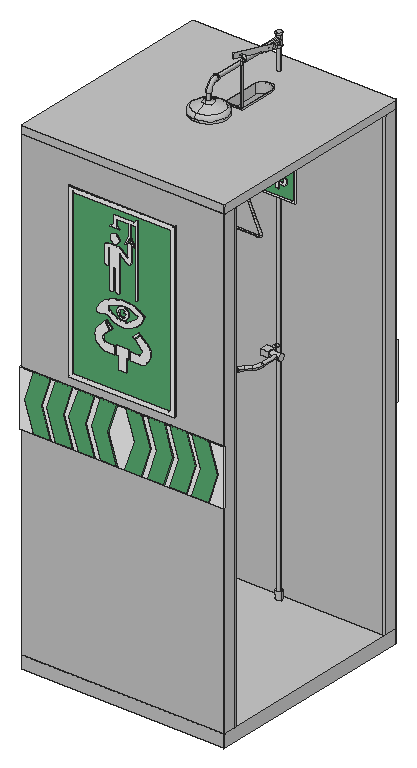
Revit family "Plumbing-Fixturse_Haws-Corporation_8606SS(Final)", category Plumbing Fixtures, Revit 2020 (continued)
Lines and regions (in)
  symbolic lines
    curve 144: line (0, 2.75571, 44.33459) -> (0, 5.43327, 44.33459)
    curve 145: line (0, 5.20217, 44.1035) -> (0, 2.9868, 44.1035)
    curve 146: line (0, 5.36798, 44.79304) -> (0, 2.821, 44.79304)
    curve 147: line (0, 2.76326, 44.73529) -> (0, 5.42572, 44.73529)
    curve 148: line (0, 4.23573, 44.84252) -> (0, 3.95325, 44.84252)
    curve 149: line (0, 14.8925, 43.60516) -> (0, 15.48249, 43.60516)
    curve 150: line (0, 15.48249, 43.60516) -> (0, 15.48249, 43.02703)
    curve 151: line (0, 15.48249, 43.02703) -> (0, 14.8925, 43.02703)
    curve 152: line (0, 13.82331, 43.55062) -> (0, 14.8925, 43.55062)
    curve 153: line (0, 14.8925, 43.08177) -> (0, 13.82331, 43.08177)
    curve 154: line (0, 12.56373, 43.61086) -> (0, 4.48819, 43.61086)
    curve 155: line (0, 12.56373, 43.02175) -> (0, 4.48819, 43.02175)
    curve 156: line (0, 4.48819, 42.92155) -> (0, 4.48819, 44.1035)
    curve 157: line (0, 3.70079, 44.1035) -> (0, 3.70079, 42.92155)
    curve 158: line (0, 4.23573, 44.84252) -> (0, 4.23573, 44.79304)
    curve 159: line (0, 3.95325, 44.84252) -> (0, 3.95325, 44.79304)
    curve 160: arc (0, 5.42572, 44.73529) -> (0, 5.40881, 44.77612) -> (0, 5.36798, 44.79304) r 0.05774
    curve 161: line (0, 5.42572, 44.73529) -> (0, 5.43079, 44.59003)
    curve 162: arc (0, 5.43079, 44.59003) -> (0, 5.43789, 44.566) -> (0, 5.45572, 44.54841) r 0.05015
    curve 163: arc (0, 5.49019, 44.51395) -> (0, 5.48009, 44.53832) -> (0, 5.45572, 44.54841) r 0.03446
    curve 164: arc (0, 5.48589, 44.38721) -> (0, 5.47048, 44.35) -> (0, 5.43327, 44.33459) r 0.05262
    curve 165: arc (0, 5.43327, 44.33459) -> (0, 5.39611, 44.3192) -> (0, 5.38072, 44.28204) r 0.05255
    curve 166: arc (0, 5.38072, 44.28204) -> (0, 5.32843, 44.15579) -> (0, 5.20217, 44.1035) r 0.17855
    curve 167: line (0, 5.49019, 44.51395) -> (0, 5.48589, 44.38721)
Dimensions and locks (in)
  equal spacing: Extrusion 16 sketch curve, Extrusion 16 sketch curve, Extrusion 16 sketch curve, Extrusion 16 sketch curve
  Extrusion 16 sketch curve to Extrusion 16 sketch curve = 7.49454"
  equal spacing: Extrusion 35 sketch curve, curve 43, Extrusion 35 sketch curve
  "Supply Radius": curve 43 to Extrusion 35 sketch curve
  "Connector offset": curve 43 to level
  "Connector angle": angle plane 3 "Center (Left/Right)" to curve 43
  aligned and locked: plane 3 "Center (Left/Right)" to curve 43
Automatic sketch dimensions
  curve 13 to curve 14 = 0"  (x2)
  curve 13 to curve 41 = 0"  (x2)
  curve 13 to curve 42 = 0"  (x2)
  curve 14 to curve 41 = 0"  (x2)
  curve 14 to curve 42 = 0"  (x2)
  curve 15 to curve 16 = 0"  (x2)
  curve 41 to curve 42 = 0"  (x2)
  curve 1 to plane 3 "Center (Left/Right)" = 18.32677"
  curve 10 to curve 10 = 0.13631"
  curve 9 to curve 9 = 0.29476"
  curve 30 to plane 3 "Center (Left/Right)" = 0.5895"
  curve 28 to plane 3 "Center (Left/Right)" = 0.49194"
  curve 31 to curve 32 = 0.09794"
  curve 30 to curve 30 = 0.19685"
  curve 26 to curve 24 = 0.19685"
  plane 3 "Center (Left/Right)" to curve 41 = 0.00106"
  plane 3 "Center (Left/Right)" to curve 15 = 0.00106"
  plane 3 "Center (Left/Right)" to curve 25 = 0.2972"
  plane 3 "Center (Left/Right)" to curve 38 = 0.39476"
  curve 25 to curve 19 = 0.19421"
  curve 37 to curve 35 = 0.09891"
  curve 37 to curve 37 = 0.19685"
  plane 3 "Center (Left/Right)" to curve 23 = 0.64091"
  curve 18 to curve 22 = 0.26543"
  curve 17 to curve 7 = 17.12506"
  plane 3 "Center (Left/Right)" to curve 5 = 18.18912"
  curve 7 to curve 4 = 0.29536"
  plane 1 "Center (Front/Back)" to curve 3 = 19.37008"
  plane 1 "Center (Front/Back)" to curve 14 = 0.01414"
  curve 33 to plane 1 "Center (Front/Back)" = 1.56067"
  curve 32 to curve 34 = 0"
  curve 35 to curve 37 = 0.19685"
  curve 32 to curve 30 = 0.19685"
  curve 36 to curve 18 = 5.00459"
  curve 18 to curve 19 = 5 157/256"
  curve 19 to curve 28 = 0.18835"
  curve 19 to curve 38 = 0.18835"
  curve 38 to curve 25 = 1.25957"
  curve 26 to curve 25 = 0"
  curve 40 to curve 19 = 0.23327"
  curve 19 to curve 15 = 1.70419"
  curve 15 to curve 18 = 0.79581"
  curve 17 to curve 7 = 2.51814"
  curve 11 to curve 9 = 0"  (x2)
  curve 12 to curve 10 = 0"
  curve 8 to curve 9 = 0"
  curve 13 to curve 33 = 2.657"
  curve 16 to curve 24 = 0.20385"
  curve 8 to curve 7 = 0"  (x2)
  curve 12 to curve 5 = 0"  (x2)
  curve 6 to curve 5 = 0"  (x2)
  curve 11 to curve 10 = 0"
  curve 41 to curve 13 = 0.59058"
  curve 6 to curve 7 = 0"
  plane 1 "Center (Front/Back)" to curve 128 = 16.69291"
  curve 141 to plane 1 "Center (Front/Back)" = 2.69879"
  curve 141 to curve 143 = 0.0043"
  curve 171 to curve 170 = 0.00928"
  curve 171 to curve 171 = 0.03446"
  curve 172 to curve 173 = 0.05262"
  curve 171 to curve 169 = 0.02493"
  curve 170 to curve 147 = 0.00507"
  curve 168 to curve 168 = 0.05774"
  curve 173 to curve 145 = 0.2311"
  curve 185 to plane 1 "Center (Front/Back)" = 3.56102"
  curve 174 to curve 140 = 0.71398"
  curve 157 to curve 148 = 0.25246"
  curve 148 to curve 148 = 0.28248"
  curve 140 to curve 140 = 0.7874"
  curve 156 to curve 166 = 0.71398"
  curve 166 to curve 160 = 0.1658"
  curve 147 to curve 161 = 0.00507"
  curve 166 to curve 144 = 0.2311"
  curve 162 to curve 142 = 0.02493"
  curve 163 to curve 162 = 0.02519"
  curve 184 to curve 180 = 8 1/4"
  curve 143 to curve 139 = 7.07784"
  curve 136 to curve 136 = 1.25957"
  curve 153 to curve 151 = 1.06919"
  level to curve 133 = 3.6465"
  curve 133 to plane 1 "Center (Front/Back)" = 15.26397"
  curve 176 to plane 1 "Center (Front/Back)" = 15.35539"
  curve 137 to curve 151 = 0.58999"
  curve 133 to curve 131 = 1"
  curve 132 to curve 126 = 0.42895"
  level to curve 127 = 2.3622"
  curve 133 to curve 131 = 0"
  curve 133 to curve 136 = 39.17649"
  curve 136 to curve 156 = 0.09857"
  curve 136 to curve 150 = 0.20405"
  curve 137 to curve 149 = 37/64"
  curve 136 to curve 135 = 0.98425"
  curve 140 to curve 145 = 1.18194"
  curve 145 to curve 174 = 0.17855"
  curve 145 to curve 166 = 0.17855"
  curve 165 to curve 144 = 0.05255"
  curve 164 to curve 141 = 0.12674"
  curve 163 to curve 161 = 0.04162"
  curve 171 to curve 169 = 0.04162"
  curve 170 to curve 169 = 0.14527"
  curve 159 to curve 159 = 0.04948"
  curve 135 to curve 176 = 23.49005"
  curve 176 to curve 176 = 10 3/4"
  curve 176 to curve 184 = 7.95272"
  curve 184 to curve 128 = 0.24705"
  curve 179 to curve 180 = 0"
  curve 176 to curve 177 = 0.1271"
  curve 133 to curve 133 = 0.21853"
  curve 176 to curve 178 = 0.1271"
  curve 131 to curve 131 = 0.21105"
  curve 140 to curve 155 = 0.1002"
  curve 136 to curve 153 = 0.25878"
  curve 152 to curve 137 = 0.05454"
  curve 154 to curve 135 = 0.19637"
  curve 180 to curve 179 = 1.377"
  curve 179 to curve 179 = 0.14295"
  Extrusion 1 sketch curve to plane 3 "Center (Left/Right)" = 18.32677"  (x2)
  Extrusion 1 sketch curve to Extrusion 1 sketch curve = 0.13631"
  Extrusion 1 sketch curve to Extrusion 1 sketch curve = 0.29476"  (x2)
  Extrusion 1 sketch curve to Extrusion 1 sketch curve = 0.29572"
  plane 3 "Center (Left/Right)" to Extrusion 1 sketch curve = 18.03141"  (x2)
  Extrusion 1 sketch curve to Extrusion 1 sketch curve = 0.00112"
  Extrusion 1 sketch curve to Extrusion 1 sketch curve = 0.15771"
  Extrusion 1 sketch curve to Extrusion 1 sketch curve = 0.13765"
  Extrusion 1 sketch curve to Extrusion 1 sketch curve = 0.29536"
  plane 1 "Center (Front/Back)" to Extrusion 1 sketch curve = 19.37008"
  Extrusion 1 sketch curve to Extrusion 1 sketch curve = 2.24415"
  Extrusion 1 sketch curve to plane 1 "Center (Front/Back)" = 16.69291"
  Extrusion 1 sketch curve to Extrusion 1 sketch curve = 2.08756"
  Extrusion 2 sketch curve to plane 3 "Center (Left/Right)" = 18.32677"
  Extrusion 2 sketch curve to Extrusion 2 sketch curve = 0.13631"
  Extrusion 2 sketch curve to Extrusion 2 sketch curve = 0.29476"
  plane 3 "Center (Left/Right)" to Extrusion 2 sketch curve = 18.03141"
  plane 3 "Center (Left/Right)" to Extrusion 2 sketch curve = 18.18912"
  Extrusion 2 sketch curve to Extrusion 2 sketch curve = 0.29536"
  plane 1 "Center (Front/Back)" to Extrusion 2 sketch curve = 19.37008"
  Extrusion 2 sketch curve to plane 1 "Center (Front/Back)" = 19.07471"
  Extrusion 3 sketch curve to plane 3 "Center (Left/Right)" = 18.32677"
  Extrusion 3 sketch curve to Extrusion 3 sketch curve = 0.13631"
  Extrusion 3 sketch curve to Extrusion 3 sketch curve = 0.29476"
  plane 3 "Center (Left/Right)" to Extrusion 3 sketch curve = 18.03141"
  plane 3 "Center (Left/Right)" to Extrusion 3 sketch curve = 18.18912"
  Extrusion 3 sketch curve to Extrusion 3 sketch curve = 0.29536"
  plane 1 "Center (Front/Back)" to Extrusion 3 sketch curve = 19.37008"
  Extrusion 3 sketch curve to plane 1 "Center (Front/Back)" = 19.07471"
  Revolve 4 sketch curve to plane 1 "Center (Front/Back)" = 0"  (x2)
  Revolve 4 sketch curve to Revolve 4 sketch curve = 0.59058"
  Revolve 4 sketch curve to Revolve 4 sketch curve = 0.32278"
  Revolve 4 sketch curve to Revolve 4 sketch curve = 0.19336"
  Revolve 4 sketch curve to Revolve 4 sketch curve = 1.44885"
  Revolve 4 sketch curve to Revolve 4 sketch curve = 0.29497"
  Revolve 4 sketch curve to Revolve 4 sketch curve = 0.7874"
  level to Revolve 4 sketch curve = 86.24705"
  Revolve 4 sketch curve to Revolve 4 sketch curve = 1.68409"
  Revolve 4 sketch curve to Revolve 4 sketch curve = 0.70455"
  Revolve 4 sketch curve to Revolve 4 sketch curve = 0.47341"
  Revolve 4 sketch curve to Revolve 4 sketch curve = 0"  (x2)
  plane 1 "Center (Front/Back)" to Extrusion 5 sketch curve = 0"
  Extrusion 5 sketch curve to plane 3 "Center (Left/Right)" = 0"
  plane 1 "Center (Front/Back)" to Extrusion 6 sketch curve = 0"
  Extrusion 6 sketch curve to plane 3 "Center (Left/Right)" = 0"
  Sweep 7 sketch curve to plane 1 "Center (Front/Back)" = 0"
  Sweep 7 sketch curve to plane 1 "Center (Front/Back)" = 1.5748"
  level to Sweep 7 sketch curve = 91.02026"
  profile plane to Sweep 7 sketch curve = 0"
  Sweep 7 sketch curve to profile plane = 0"
  Extrusion 8 sketch curve to plane 3 "Center (Left/Right)" = 0"
  Extrusion 8 sketch curve to plane 1 "Center (Front/Back)" = 15.76397"
  Extrusion 9 sketch curve to Extrusion 9 sketch curve = 0"  (x2)
  Extrusion 9 sketch curve to plane 3 "Center (Left/Right)" = 0"
  level to Extrusion 9 sketch curve = 92.59506"
  Extrusion 9 sketch curve to Extrusion 9 sketch curve = 37/128"
  Extrusion 10 sketch curve to Extrusion 10 sketch curve = 0"  (x2)
  Extrusion 10 sketch curve to plane 3 "Center (Left/Right)" = 0"
  Extrusion 10 sketch curve to plane 1 "Center (Front/Back)" = 15.76397"
  Extrusion 10 sketch curve to Extrusion 10 sketch curve = 101/256"
  Extrusion 11 sketch curve to Extrusion 11 sketch curve = 0"  (x2)
  Extrusion 11 sketch curve to plane 3 "Center (Left/Right)" = 0"
  level to Extrusion 11 sketch curve = 92.59506"
  Extrusion 11 sketch curve to Extrusion 11 sketch curve = 101/256"
  Extrusion 12 sketch curve to Extrusion 12 sketch curve = 0"  (x2)
  Extrusion 12 sketch curve to plane 3 "Center (Left/Right)" = 0"
  Extrusion 12 sketch curve to plane 1 "Center (Front/Back)" = 15.76397"
  Extrusion 12 sketch curve to Extrusion 12 sketch curve = 1/2"
  Extrusion 13 sketch curve to Extrusion 13 sketch curve = 0"  (x2)
  Extrusion 13 sketch curve to plane 3 "Center (Left/Right)" = 0"
  Extrusion 13 sketch curve to plane 1 "Center (Front/Back)" = 15.76397"
  Extrusion 13 sketch curve to Extrusion 13 sketch curve = 1/2"
  Extrusion 14 sketch curve to Extrusion 14 sketch curve = 0"  (x2)
  Extrusion 14 sketch curve to plane 3 "Center (Left/Right)" = 0"
  level to Extrusion 14 sketch curve = 92.59506"
  Extrusion 14 sketch curve to Extrusion 14 sketch curve = 1/2"
  plane 3 "Center (Left/Right)" to Extrusion 15 sketch curve = 0.39661"
  Extrusion 15 sketch curve to Extrusion 15 sketch curve = 0.1495"
  level to Extrusion 15 sketch curve = 92.20136"
  Extrusion 15 sketch curve to Extrusion 15 sketch curve = 0.7874"
  Extrusion 16 sketch curve to plane 1 "Center (Front/Back)" = 14.35113"
  level to Extrusion 16 sketch curve = 92.81414"
  Extrusion 16 sketch curve to Extrusion 16 sketch curve = 0.55678"  (x2)
  Extrusion 16 sketch curve to Extrusion 16 sketch curve = 0.06485"
  Extrusion 16 sketch curve to Extrusion 16 sketch curve = 0.11836"
  Extrusion 16 sketch curve to Extrusion 16 sketch curve = 2.99469"  (x2)
  Extrusion 16 sketch curve to Extrusion 16 sketch curve = 1.28499"
  Extrusion 16 sketch curve to Extrusion 16 sketch curve = 0.62277"
  Extrusion 16 sketch curve to Extrusion 16 sketch curve = 0.07671"
  Extrusion 16 sketch curve to Extrusion 16 sketch curve = 0.10186"
  Extrusion 16 sketch curve to Extrusion 16 sketch curve = 2.47487"
  Extrusion 16 sketch curve to Extrusion 16 sketch curve = 0.69194"
  Extrusion 16 sketch curve to Extrusion 16 sketch curve = 0.05278"
  Extrusion 17 sketch curve to plane 1 "Center (Front/Back)" = 13.88879"
  Extrusion 17 sketch curve to Extrusion 17 sketch curve = 0.13093"  (x3)
  Extrusion 17 sketch curve to Extrusion 17 sketch curve = 0.26187"  (x2)
  level to Extrusion 17 sketch curve = 92.36174"
  Extrusion 17 sketch curve to Extrusion 17 sketch curve = 0.22678"  (x3)
  Extrusion 18 sketch curve to plane 3 "Center (Left/Right)" = 0"
  Extrusion 18 sketch curve to Extrusion 18 sketch curve = 1.5748"
  Extrusion 18 sketch curve to plane 1 "Center (Front/Back)" = 3.54331"
  Extrusion 18 sketch curve to Extrusion 18 sketch curve = 6.69291"
  Extrusion 19 sketch curve to plane 3 "Center (Left/Right)" = 0"
  plane 3 "Center (Left/Right)" to Extrusion 19 sketch curve = 0.09875"
  Extrusion 19 sketch curve to Extrusion 19 sketch curve = 1.47606"
  Extrusion 19 sketch curve to Extrusion 19 sketch curve = 0.00032"
  Extrusion 19 sketch curve to plane 1 "Center (Front/Back)" = 3.54331"
  Extrusion 19 sketch curve to Extrusion 19 sketch curve = 0.09959"
  Extrusion 19 sketch curve to Extrusion 19 sketch curve = 6.59332"
  Extrusion 19 sketch curve to Extrusion 19 sketch curve = 0"
  Revolve 20 sketch curve to plane 1 "Center (Front/Back)" = 4.09449"
  Revolve 20 sketch curve to Revolve 20 sketch curve = 0.3937"
  Revolve 20 sketch curve to Revolve 20 sketch curve = 0.71187"
  Revolve 20 sketch curve to Revolve 20 sketch curve = 0.23073"
  Revolve 20 sketch curve to Revolve 20 sketch curve = 0.00037"
  Revolve 20 sketch curve to Revolve 20 sketch curve = 0.02494"
  Revolve 20 sketch curve to Revolve 20 sketch curve = 0.0551"
  Revolve 20 sketch curve to Revolve 20 sketch curve = 0.03446"  (x2)
  level to Revolve 20 sketch curve = 42.92155"
  Revolve 20 sketch curve to Revolve 20 sketch curve = 1.18194"
  Revolve 20 sketch curve to Revolve 20 sketch curve = 0.17987"
  Revolve 20 sketch curve to Revolve 20 sketch curve = 0.10384"
  Revolve 20 sketch curve to Revolve 20 sketch curve = 0.00254"
  Revolve 20 sketch curve to Revolve 20 sketch curve = 0.12674"
  Revolve 20 sketch curve to Revolve 20 sketch curve = 0"  (x2)
  Revolve 20 sketch curve to Revolve 20 sketch curve = 1.69029"
  Revolve 20 sketch curve to Revolve 20 sketch curve = 0.43285"
  Revolve 21 sketch curve to plane 1 "Center (Front/Back)" = 4.09449"
  Revolve 21 sketch curve to Revolve 21 sketch curve = 0.14124"
  Revolve 21 sketch curve to Revolve 21 sketch curve = 1.13193"
  Revolve 21 sketch curve to Revolve 21 sketch curve = 0.0051"
  Revolve 21 sketch curve to Revolve 21 sketch curve = 0.05806"
  Revolve 21 sketch curve to Revolve 21 sketch curve = 0.00507"
  Revolve 21 sketch curve to Revolve 21 sketch curve = 0.02494"
  Revolve 21 sketch curve to Revolve 21 sketch curve = 0.02729"
  level to Revolve 21 sketch curve = 44.54841"
  Revolve 21 sketch curve to Revolve 21 sketch curve = 0.04273"
  Revolve 21 sketch curve to Revolve 21 sketch curve = 0.14405"
  Revolve 21 sketch curve to Revolve 21 sketch curve = 0.00009"
  Revolve 21 sketch curve to Revolve 21 sketch curve = 0.04948"
  Revolve 21 sketch curve to Revolve 21 sketch curve = 0"  (x2)
  Revolve 21 sketch curve to Revolve 21 sketch curve = 0.95589"
  Extrusion 22 sketch curve to plane 3 "Center (Left/Right)" = 0"
  level to Extrusion 22 sketch curve = 43.31609"
  Extrusion 23 sketch curve to plane 3 "Center (Left/Right)" = 0"
  level to Extrusion 23 sketch curve = 43.31609"
  Extrusion 24 sketch curve to plane 3 "Center (Left/Right)" = 0.64164"
  plane 3 "Center (Left/Right)" to Extrusion 24 sketch curve = 0.73631"
  level to Extrusion 24 sketch curve = 42.82298"
  Extrusion 24 sketch curve to Extrusion 24 sketch curve = 0.98425"
  Extrusion 25 sketch curve to plane 1 "Center (Front/Back)" = 13.05105"
  level to Extrusion 25 sketch curve = 43.31511"
  Sweep 26 sketch curve to plane 3 "Center (Left/Right)" = 0"
  Sweep 26 sketch curve to plane 3 "Center (Left/Right)" = 0.2665"
  plane 3 "Center (Left/Right)" to Sweep 26 sketch curve = 0.42899"
  Sweep 26 sketch curve to Sweep 26 sketch curve = 0.78213"  (x2)
  Sweep 26 sketch curve to Sweep 26 sketch curve = 1.03567"
  Sweep 26 sketch curve to Sweep 26 sketch curve = 0.61205"
  Sweep 26 sketch curve to plane 1 "Center (Front/Back)" = 6.29049"
  Sweep 26 sketch curve to Sweep 26 sketch curve = 2 1/4"
  Sweep 26 sketch curve to Sweep 26 sketch curve = 3.85884"
  profile plane to Sweep 26 sketch curve = 0"
  level to Sweep 26 sketch curve = 43.31511"
  Extrusion 27 sketch curve to plane 3 "Center (Left/Right)" = 3 5/16"
  plane 3 "Center (Left/Right)" to Extrusion 27 sketch curve = 3 5/16"
  level to Extrusion 27 sketch curve = 67.29728"
  Extrusion 27 sketch curve to Extrusion 27 sketch curve = 10 3/4"
  Extrusion 28 sketch curve to plane 3 "Center (Left/Right)" = 0"
  Extrusion 28 sketch curve to plane 1 "Center (Front/Back)" = 15.76397"
  plane 1 "Center (Front/Back)" to Extrusion 29 sketch curve = 0"
  Extrusion 29 sketch curve to plane 3 "Center (Left/Right)" = 0"
  Extrusion 30 sketch curve to Extrusion 30 sketch curve = 0"  (x2)
  Extrusion 30 sketch curve to plane 3 "Center (Left/Right)" = 0"
  Extrusion 30 sketch curve to plane 1 "Center (Front/Back)" = 15.76397"
  Extrusion 30 sketch curve to Extrusion 30 sketch curve = 1/2"
  Extrusion 31 sketch curve to plane 3 "Center (Left/Right)" = 18.32677"
  plane 3 "Center (Left/Right)" to Extrusion 31 sketch curve = 18.32677"
  plane 1 "Center (Front/Back)" to Extrusion 31 sketch curve = 19.37008"
  Extrusion 31 sketch curve to plane 1 "Center (Front/Back)" = 19.37008"
  Extrusion 32 sketch curve to plane 3 "Center (Left/Right)" = 18.32677"  (x2)
  plane 3 "Center (Left/Right)" to Extrusion 32 sketch curve = 18.32677"  (x2)
  plane 1 "Center (Front/Back)" to Extrusion 32 sketch curve = 19.37008"
  Extrusion 32 sketch curve to Extrusion 32 sketch curve = 2.67717"  (x2)
  Extrusion 32 sketch curve to plane 1 "Center (Front/Back)" = 16.69291"
  Extrusion 33 sketch curve to plane 3 "Center (Left/Right)" = 18.32677"
  plane 3 "Center (Left/Right)" to Extrusion 33 sketch curve = 18.32677"
  plane 1 "Center (Front/Back)" to Extrusion 33 sketch curve = 19.37008"
  Extrusion 33 sketch curve to plane 1 "Center (Front/Back)" = 19.37008"
  Masking region 1 sketch curve to plane 3 "Center (Left/Right)" = 18.32677"
  Masking region 1 sketch curve to Masking region 1 sketch curve = 0.13631"
  Masking region 1 sketch curve to Masking region 1 sketch curve = 0.29476"
  plane 3 "Center (Left/Right)" to Masking region 1 sketch curve = 18.03141"
  plane 3 "Center (Left/Right)" to Masking region 1 sketch curve = 18.18912"
  Masking region 1 sketch curve to Masking region 1 sketch curve = 0.13765"
  plane 1 "Center (Front/Back)" to Masking region 1 sketch curve = 19.37008"
  Masking region 1 sketch curve to plane 1 "Center (Front/Back)" = 19.07471"
  Masking region 2 sketch curve to plane 3 "Center (Left/Right)" = 18.32677"
  plane 3 "Center (Left/Right)" to Masking region 2 sketch curve = 18.32677"
  plane 1 "Center (Front/Back)" to Masking region 2 sketch curve = 19.37008"
  Masking region 2 sketch curve to plane 1 "Center (Front/Back)" = 19.37008"
  Masking region 3 sketch curve to Masking region 3 sketch curve = 0"  (x5)
  Masking region 3 sketch curve to level = 0"
  Masking region 3 sketch curve to plane 3 "Center (Left/Right)" = 18.3272"
  Masking region 3 sketch curve to plane 3 "Center (Left/Right)" = 3.15004"
  Masking region 3 sketch curve to Masking region 3 sketch curve = 0.4413"
  Masking region 3 sketch curve to Masking region 3 sketch curve = 0.78575"  (x2)
  Masking region 3 sketch curve to plane 3 "Center (Left/Right)" = 1.16489"
  Masking region 3 sketch curve to Masking region 3 sketch curve = 0.21562"  (x2)
  Masking region 3 sketch curve to Masking region 3 sketch curve = 0.57388"
  Masking region 3 sketch curve to plane 3 "Center (Left/Right)" = 0.59098"  (x2)
  Masking region 3 sketch curve to plane 3 "Center (Left/Right)" = 0.50085"
  Masking region 3 sketch curve to Masking region 3 sketch curve = 0.09055"  (x3)
  Masking region 3 sketch curve to Masking region 3 sketch curve = 0.09058"  (x2)
  Masking region 3 sketch curve to plane 3 "Center (Left/Right)" = 0.00043"
  plane 3 "Center (Left/Right)" to Masking region 3 sketch curve = 0.49957"  (x2)
  Masking region 3 sketch curve to Masking region 3 sketch curve = 0.35827"
  Masking region 3 sketch curve to Masking region 3 sketch curve = 1.41501"
  Masking region 3 sketch curve to Masking region 3 sketch curve = 0.34445"
  plane 3 "Center (Left/Right)" to Masking region 3 sketch curve = 18.32634"
  level to Masking region 3 sketch curve = 87.62422"
  Masking region 3 sketch curve to Masking region 3 sketch curve = 0.30759"  (x2)
  Masking region 3 sketch curve to Masking region 3 sketch curve = 0.71087"  (x2)
  Masking region 3 sketch curve to Masking region 3 sketch curve = 0.48947"  (x2)
  Masking region 3 sketch curve to Masking region 3 sketch curve = 0.88534"  (x2)
  Masking region 3 sketch curve to Masking region 3 sketch curve = 0.19685"  (x3)
  Masking region 3 sketch curve to Masking region 3 sketch curve = 1.35947"  (x2)
  Masking region 3 sketch curve to Masking region 3 sketch curve = 0.00067"
  Masking region 3 sketch curve to Masking region 3 sketch curve = 0.31425"
  curve 64 to curve 65 = 0"  (x2)
  curve 44 to level = 0"
  curve 44 to plane 3 "Center (Left/Right)" = 18.3272"
  curve 54 to plane 3 "Center (Left/Right)" = 3.15004"
  curve 54 to curve 56 = 0.4413"
  curve 54 to curve 55 = 0.78575"
  curve 57 to plane 3 "Center (Left/Right)" = 1.16489"
  curve 57 to curve 56 = 0.21562"
  curve 57 to curve 51 = 0.57388"
  curve 66 to plane 3 "Center (Left/Right)" = 0.59098"
  curve 50 to plane 3 "Center (Left/Right)" = 0.59098"
  curve 65 to plane 3 "Center (Left/Right)" = 0.00043"
  plane 3 "Center (Left/Right)" to curve 63 = 0.59012"
  plane 3 "Center (Left/Right)" to curve 47 = 0.59012"
  plane 3 "Center (Left/Right)" to curve 51 = 0.59015"
  curve 61 to curve 60 = 0.35827"
  curve 60 to curve 61 = 0.21562"
  curve 61 to curve 59 = 1.41501"
  curve 59 to curve 60 = 0.34445"
  curve 59 to curve 58 = 0.78575"
  plane 3 "Center (Left/Right)" to curve 46 = 18.32634"
  curve 46 to curve 46 = 87.62422"
  curve 54 to curve 55 = 0.30759"
  curve 58 to curve 59 = 0.30759"
  curve 55 to curve 56 = 0.71087"
  curve 59 to curve 60 = 0.71087"
  curve 60 to curve 51 = 0.48947"
  curve 51 to curve 63 = 0.88534"
  curve 49 to curve 50 = 0.19685"
  curve 72 to curve 65 = 1.67371"
  curve 64 to curve 68 = 1.67371"
  curve 47 to curve 66 = 0.19685"
  curve 50 to curve 48 = 0.09013"
  curve 70 to plane 3 "Center (Left/Right)" = 0.50043"
  curve 49 to curve 53 = 0.09055"
  plane 3 "Center (Left/Right)" to curve 69 = 0.49957"
  curve 72 to curve 50 = 0.09055"
  curve 73 to curve 49 = 0.09055"
  curve 72 to curve 48 = 0.09891"
  curve 64 to curve 64 = 0.59055"
  Masking region 4 sketch curve to Masking region 4 sketch curve = 0"  (x8)
  Masking region 4 sketch curve to level = 0"
  plane 1 "Center (Front/Back)" to Masking region 4 sketch curve = 19.37008"
  plane 1 "Center (Front/Back)" to Masking region 4 sketch curve = 3.14704"
  Masking region 4 sketch curve to Masking region 4 sketch curve = 0.48148"
  Masking region 4 sketch curve to Masking region 4 sketch curve = 0.28873"  (x2)
  plane 1 "Center (Front/Back)" to Masking region 4 sketch curve = 1.04905"
  Masking region 4 sketch curve to Masking region 4 sketch curve = 0.17258"  (x2)
  Masking region 4 sketch curve to Masking region 4 sketch curve = 0.45975"
  plane 1 "Center (Front/Back)" to Masking region 4 sketch curve = 0.39334"
  plane 1 "Center (Front/Back)" to Masking region 4 sketch curve = 0.28551"
  Masking region 4 sketch curve to plane 1 "Center (Front/Back)" = 0.28984"
  Masking region 4 sketch curve to Masking region 4 sketch curve = 0.10597"
  Masking region 4 sketch curve to Masking region 4 sketch curve = 0.30202"
  Masking region 4 sketch curve to Masking region 4 sketch curve = 0.28717"
  Masking region 4 sketch curve to plane 1 "Center (Front/Back)" = 1.57608"
  Masking region 4 sketch curve to Masking region 4 sketch curve = 0.19685"  (x5)
  Masking region 4 sketch curve to Masking region 4 sketch curve = 1.50037"
  Masking region 4 sketch curve to Masking region 4 sketch curve = 0.77021"
  Masking region 4 sketch curve to Masking region 4 sketch curve = 9.21481"
  Masking region 4 sketch curve to Masking region 4 sketch curve = 2.90572"
  Masking region 4 sketch curve to Masking region 4 sketch curve = 0.10552"  (x2)
  Masking region 4 sketch curve to Masking region 4 sketch curve = 0.21235"
  Masking region 4 sketch curve to Masking region 4 sketch curve = 0.57677"
  Masking region 4 sketch curve to Masking region 4 sketch curve = 0.78389"
  Masking region 4 sketch curve to Masking region 4 sketch curve = 0.11059"  (x2)
  Masking region 4 sketch curve to plane 1 "Center (Front/Back)" = 19.37008"
  level to Masking region 4 sketch curve = 87.62405"
  Masking region 4 sketch curve to Masking region 4 sketch curve = 0.3198"  (x2)
  Masking region 4 sketch curve to Masking region 4 sketch curve = 0.34898"  (x2)
  Masking region 4 sketch curve to Masking region 4 sketch curve = 0.72285"
  Masking region 4 sketch curve to Masking region 4 sketch curve = 0.42716"  (x2)
  Masking region 4 sketch curve to Masking region 4 sketch curve = 1.1811"
  Masking region 4 sketch curve to Masking region 4 sketch curve = 3.8495"
  Masking region 4 sketch curve to Masking region 4 sketch curve = 27/256"
  Masking region 4 sketch curve to Masking region 4 sketch curve = 0.52918"
  Masking region 4 sketch curve to Masking region 4 sketch curve = 0.10566"
  Masking region 4 sketch curve to Masking region 4 sketch curve = 0.10553"
  Masking region 4 sketch curve to Masking region 4 sketch curve = 0.10461"
  Masking region 4 sketch curve to Masking region 4 sketch curve = 0.10538"
  Masking region 4 sketch curve to Masking region 4 sketch curve = 0.53097"  (x2)
  curve 109 to curve 110 = 0"  (x2)
  curve 92 to level = 0"
  plane 1 "Center (Front/Back)" to curve 92 = 19.37008"
  plane 1 "Center (Front/Back)" to curve 117 = 3.14704"
  curve 117 to curve 118 = 0.48148"
  curve 119 to curve 119 = 0.28873"
  plane 1 "Center (Front/Back)" to curve 120 = 1.04905"
  curve 120 to curve 118 = 0.17258"
  curve 120 to curve 88 = 0.45975"
  plane 1 "Center (Front/Back)" to curve 87 = 0.39334"
  curve 87 to plane 1 "Center (Front/Back)" = 0.39581"
  curve 88 to plane 1 "Center (Front/Back)" = 0.59186"
  curve 88 to curve 114 = 0.28717"
  curve 88 to curve 116 = 0.45975"
  curve 108 to plane 1 "Center (Front/Back)" = 1.57608"
  curve 86 to curve 85 = 0.19685"
  curve 114 to curve 115 = 1.50037"
  curve 115 to curve 114 = 0.28873"
  curve 115 to curve 113 = 0.77021"
  curve 113 to curve 124 = 0.39498"
  curve 85 to curve 82 = 2.90341"
  curve 83 to curve 81 = 0.18915"
  curve 81 to curve 83 = 0.37657"
  curve 83 to curve 123 = 0.7956"
  curve 182 to plane 1 "Center (Front/Back)" = 6.03767"
  curve 121 to curve 121 = 1/8"
  curve 182 to curve 183 = 1/4"
  curve 121 to curve 79 = 6.07675"
  curve 106 to curve 84 = 1.42212"
  curve 84 to curve 82 = 0.36698"
  curve 84 to curve 81 = 0.57077"
  curve 84 to curve 74 = 0.91284"
  curve 84 to curve 100 = 1.11663"
  curve 75 to curve 94 = 0.10552"
  curve 76 to curve 95 = 0.10552"
  curve 101 to curve 97 = 0.89448"
  curve 102 to curve 99 = 0.89448"
  curve 91 to plane 1 "Center (Front/Back)" = 19.37008"
  level to curve 183 = 66.31826"
  curve 182 to curve 92 = 21.30579"
  curve 124 to curve 89 = 0.142"
  curve 117 to curve 119 = 0.3198"
  curve 113 to curve 115 = 0.3198"
  curve 113 to curve 113 = 0.34898"
  curve 117 to curve 117 = 0.34898"
  curve 114 to curve 114 = 0.72285"
  curve 118 to curve 114 = 0"
  curve 120 to curve 120 = 0.42716"
  curve 111 to curve 87 = 1.1811"
  curve 104 to curve 99 = 3.8495"
  curve 77 to curve 99 = 0.19685"
  curve 76 to curve 82 = 0.38222"
  curve 86 to curve 110 = 27/256"
  curve 82 to curve 79 = 0.14696"
  curve 82 to curve 84 = 0.50592"
  curve 79 to curve 94 = 0.78823"
  curve 109 to curve 108 = 0.10538"
  curve 94 to curve 97 = 0.53001"
  curve 75 to curve 97 = 0.19685"
  curve 85 to curve 82 = 1.4979"
  curve 83 to curve 121 = 0.00366"
  curve 83 to curve 83 = 0.26568"
  curve 87 to curve 112 = 0.10783"
  curve 111 to plane 1 "Center (Front/Back)" = 0.28984"
  curve 89 to curve 79 = 0.5534"
  curve 79 to curve 80 = 0.32657"
  curve 84 to curve 78 = 0.5291"
  curve 89 to curve 130 = 3.67147"
  curve 77 to curve 103 = 0.21235"
  curve 130 to curve 129 = 0.57042"
  curve 103 to curve 104 = 0.57677"
  curve 98 to curve 75 = 0.11059"
  level to curve 130 = 3.6465"
  curve 130 to curve 129 = 0"
  curve 182 to curve 123 = 1.76604"
  curve 182 to curve 181 = 0"
  curve 129 to curve 104 = 1.4005"
  curve 129 to curve 130 = 0.0235"
  curve 79 to curve 106 = 0.10566"
  curve 105 to curve 85 = 0.21091"
  Masking region 5 sketch curve to plane 1 "Center (Front/Back)" = 4.67017"
  Masking region 5 sketch curve to Masking region 5 sketch curve = 0.18915"
  Masking region 5 sketch curve to Masking region 5 sketch curve = 0.37657"
  Masking region 5 sketch curve to Masking region 5 sketch curve = 8.54447"
  Masking region 5 sketch curve to Masking region 5 sketch curve = 0.36698"
  Masking region 5 sketch curve to Masking region 5 sketch curve = 0.57077"
  level to Masking region 5 sketch curve = 92.05357"
  Masking region 5 sketch curve to Masking region 5 sketch curve = 0.50592"
  Masking region 5 sketch curve to Masking region 5 sketch curve = 2.03348"
  Masking region 5 sketch curve to Masking region 5 sketch curve = 0.26568"
  Masking region 6 sketch curve to plane 1 "Center (Front/Back)" = 6.03767"
  Masking region 6 sketch curve to Masking region 6 sketch curve = 1/8"
  level to Masking region 6 sketch curve = 66.31826"
  Masking region 6 sketch curve to Masking region 6 sketch curve = 28.27741"
  Extrusion 34 sketch curve to Extrusion 34 sketch curve = 0"  (x2)
  Extrusion 34 sketch curve to plane 3 "Center (Left/Right)" = 0"
  Extrusion 34 sketch curve to plane 1 "Center (Front/Back)" = 15.76397"
  Extrusion 34 sketch curve to Extrusion 34 sketch curve = 37/128"
  Masking region 7 sketch curve to plane 1 "Center (Front/Back)" = 3.54331"
  Masking region 7 sketch curve to Masking region 7 sketch curve = 8.26772"
  level to Masking region 7 sketch curve = 87.62405"
  Masking region 7 sketch curve to Masking region 7 sketch curve = 0.14295"
  Extrusion 36 sketch curve to Extrusion 36 sketch curve = 0"  (x24)
  Extrusion 36 sketch curve to plane 3 "Center (Left/Right)" = 3.31241"
  Extrusion 36 sketch curve to Extrusion 36 sketch curve = 1/4"  (x7)
  Extrusion 36 sketch curve to plane 3 "Center (Left/Right)" = 1.53758"
  Extrusion 36 sketch curve to Extrusion 36 sketch curve = 0.1236"
  Extrusion 36 sketch curve to Extrusion 36 sketch curve = 0.3922"  (x2)
  Extrusion 36 sketch curve to Extrusion 36 sketch curve = 0.44392"
  Extrusion 36 sketch curve to Extrusion 36 sketch curve = 0.01072"  (x2)
  Extrusion 36 sketch curve to Extrusion 36 sketch curve = 0.07515"
  Extrusion 36 sketch curve to plane 3 "Center (Left/Right)" = 1.06241"
  Extrusion 36 sketch curve to Extrusion 36 sketch curve = 0.06472"  (x2)
  Extrusion 36 sketch curve to Extrusion 36 sketch curve = 0.14181"
  Extrusion 36 sketch curve to Extrusion 36 sketch curve = 1/8"  (x12)
  Extrusion 36 sketch curve to Extrusion 36 sketch curve = 0.08839"  (x4)
  Extrusion 36 sketch curve to Extrusion 36 sketch curve = 0.2353"  (x2)
  Extrusion 36 sketch curve to Extrusion 36 sketch curve = 1/16"  (x6)
  Extrusion 36 sketch curve to plane 3 "Center (Left/Right)" = 0.74991"
  Extrusion 36 sketch curve to Extrusion 36 sketch curve = 0.36428"
  Extrusion 36 sketch curve to Extrusion 36 sketch curve = 0.05492"  (x2)
  Extrusion 36 sketch curve to plane 3 "Center (Left/Right)" = 0.64812"
  Extrusion 36 sketch curve to Extrusion 36 sketch curve = 7/32"
  Extrusion 36 sketch curve to plane 3 "Center (Left/Right)" = 0.43741"  (x2)
  Extrusion 36 sketch curve to Extrusion 36 sketch curve = 3/32"
  Extrusion 36 sketch curve to Extrusion 36 sketch curve = 3/16"  (x3)
  Extrusion 36 sketch curve to plane 3 "Center (Left/Right)" = 0.18741"
  Extrusion 36 sketch curve to plane 3 "Center (Left/Right)" = 0.12491"
  Extrusion 36 sketch curve to plane 3 "Center (Left/Right)" = 0.07491"
  plane 3 "Center (Left/Right)" to Extrusion 36 sketch curve = 0.05771"
  plane 3 "Center (Left/Right)" to Extrusion 36 sketch curve = 0.06259"
  Extrusion 36 sketch curve to Extrusion 36 sketch curve = 0.04018"
  plane 3 "Center (Left/Right)" to Extrusion 36 sketch curve = 0.14071"
  plane 3 "Center (Left/Right)" to Extrusion 36 sketch curve = 0.16996"
  plane 3 "Center (Left/Right)" to Extrusion 36 sketch curve = 0.31259"
  plane 3 "Center (Left/Right)" to Extrusion 36 sketch curve = 0.32509"
  Extrusion 36 sketch curve to Extrusion 36 sketch curve = 0.16026"  (x2)
  Extrusion 36 sketch curve to Extrusion 36 sketch curve = 0.04487"
  Extrusion 36 sketch curve to Extrusion 36 sketch curve = 0.05384"  (x2)
  Extrusion 36 sketch curve to Extrusion 36 sketch curve = 0.1125"
  plane 3 "Center (Left/Right)" to Extrusion 36 sketch curve = 0.45359"
  Extrusion 36 sketch curve to Extrusion 36 sketch curve = 0.11603"  (x2)
  Extrusion 36 sketch curve to Extrusion 36 sketch curve = 0.0465"  (x2)
  Extrusion 36 sketch curve to Extrusion 36 sketch curve = 0.093"  (x2)
  Extrusion 36 sketch curve to Extrusion 36 sketch curve = 0.00897"
  Extrusion 36 sketch curve to Extrusion 36 sketch curve = 0.57054"
  Extrusion 36 sketch curve to Extrusion 36 sketch curve = 0.81738"
  Extrusion 36 sketch curve to Extrusion 36 sketch curve = 121/256"
  Extrusion 36 sketch curve to Extrusion 36 sketch curve = 11/32"
  Extrusion 36 sketch curve to Extrusion 36 sketch curve = 0.09349"
  Extrusion 36 sketch curve to Extrusion 36 sketch curve = 0.06666"
  Extrusion 36 sketch curve to Extrusion 36 sketch curve = 2 1/16"
  level to Extrusion 36 sketch curve = 67.29728"
  Extrusion 36 sketch curve to Extrusion 36 sketch curve = 1 1/4"  (x2)
  Extrusion 36 sketch curve to Extrusion 36 sketch curve = 3/4"  (x2)
  Extrusion 36 sketch curve to Extrusion 36 sketch curve = 1/2"  (x2)
  Extrusion 36 sketch curve to Extrusion 36 sketch curve = 0.03347"  (x2)
  Extrusion 36 sketch curve to Extrusion 36 sketch curve = 0.11428"
  Extrusion 36 sketch curve to Extrusion 36 sketch curve = 0.54197"
  Extrusion 36 sketch curve to Extrusion 36 sketch curve = 1 7/32"
  Extrusion 36 sketch curve to Extrusion 36 sketch curve = 0.00905"
  Extrusion 36 sketch curve to Extrusion 36 sketch curve = 0.03571"
  Extrusion 36 sketch curve to Extrusion 36 sketch curve = 0.51311"
  Extrusion 36 sketch curve to Extrusion 36 sketch curve = 0.32617"
  Extrusion 36 sketch curve to Extrusion 36 sketch curve = 0.45117"
  Extrusion 36 sketch curve to Extrusion 36 sketch curve = 0.5375"
  Extrusion 36 sketch curve to Extrusion 36 sketch curve = 0.3375"
  Extrusion 36 sketch curve to Extrusion 36 sketch curve = 0.366"
  Extrusion 36 sketch curve to Extrusion 36 sketch curve = 3/8"
  Extrusion 36 sketch curve to Extrusion 36 sketch curve = 19/64"
  Extrusion 36 sketch curve to Extrusion 36 sketch curve = 0.29728"
  Extrusion 36 sketch curve to Extrusion 36 sketch curve = 0.10607"
  Extrusion 36 sketch curve to Extrusion 36 sketch curve = 21/64"
  Extrusion 36 sketch curve to Extrusion 36 sketch curve = 0.35355"
  Extrusion 36 sketch curve to Extrusion 36 sketch curve = 5/32"  (x2)
  Extrusion 36 sketch curve to Extrusion 36 sketch curve = 19/128"
  Extrusion 36 sketch curve to Extrusion 36 sketch curve = 13/128"
  Extrusion 36 sketch curve to Extrusion 36 sketch curve = 0.10135"
  Extrusion 36 sketch curve to Extrusion 36 sketch curve = 0.24242"
  Extrusion 36 sketch curve to Extrusion 36 sketch curve = 0.22715"
  Extrusion 36 sketch curve to Extrusion 36 sketch curve = 0.37843"
  plane 3 "Center (Left/Right)" to Extrusion 37 sketch curve = 9.49427"
  Extrusion 37 sketch curve to plane 3 "Center (Left/Right)" = 9.50573"
  level to Extrusion 37 sketch curve = 50.36617"
  Extrusion 37 sketch curve to Extrusion 37 sketch curve = 30 3/4"
  Extrusion 38 sketch curve to Extrusion 38 sketch curve = 0"  (x24)
  Extrusion 38 sketch curve to plane 3 "Center (Left/Right)" = 9.50573"
  Extrusion 38 sketch curve to Extrusion 38 sketch curve = 0.71698"  (x7)
  Extrusion 38 sketch curve to plane 3 "Center (Left/Right)" = 4.41564"
  Extrusion 38 sketch curve to Extrusion 38 sketch curve = 0.35448"
  Extrusion 38 sketch curve to Extrusion 38 sketch curve = 1.12481"  (x2)
  Extrusion 38 sketch curve to Extrusion 38 sketch curve = 1.27312"
  Extrusion 38 sketch curve to Extrusion 38 sketch curve = 0.03075"  (x2)
  Extrusion 38 sketch curve to Extrusion 38 sketch curve = 0.21552"
  Extrusion 38 sketch curve to plane 3 "Center (Left/Right)" = 3.0529"
  Extrusion 38 sketch curve to Extrusion 38 sketch curve = 0.18561"  (x2)
  Extrusion 38 sketch curve to Extrusion 38 sketch curve = 0.40671"
  Extrusion 38 sketch curve to Extrusion 38 sketch curve = 0.35849"  (x12)
  Extrusion 38 sketch curve to Extrusion 38 sketch curve = 0.25349"  (x4)
  Extrusion 38 sketch curve to Extrusion 38 sketch curve = 0.67484"  (x2)
  Extrusion 38 sketch curve to Extrusion 38 sketch curve = 0.17925"  (x6)
  Extrusion 38 sketch curve to plane 3 "Center (Left/Right)" = 2.15668"
  Extrusion 38 sketch curve to Extrusion 38 sketch curve = 1.04472"
  Extrusion 38 sketch curve to Extrusion 38 sketch curve = 0.1575"  (x2)
  Extrusion 38 sketch curve to plane 3 "Center (Left/Right)" = 1.86474"
  Extrusion 38 sketch curve to Extrusion 38 sketch curve = 0.62736"
  Extrusion 38 sketch curve to plane 3 "Center (Left/Right)" = 1.26045"  (x2)
  Extrusion 38 sketch curve to Extrusion 38 sketch curve = 0.26887"  (x2)
  Extrusion 38 sketch curve to Extrusion 38 sketch curve = 0.53774"  (x3)
  Extrusion 38 sketch curve to plane 3 "Center (Left/Right)" = 0.54347"
  Extrusion 38 sketch curve to plane 3 "Center (Left/Right)" = 0.36422"
  Extrusion 38 sketch curve to plane 3 "Center (Left/Right)" = 0.22083"
  plane 3 "Center (Left/Right)" to Extrusion 38 sketch curve = 0.15951"
  plane 3 "Center (Left/Right)" to Extrusion 38 sketch curve = 0.17351"
  Extrusion 38 sketch curve to Extrusion 38 sketch curve = 0.11523"
  plane 3 "Center (Left/Right)" to Extrusion 38 sketch curve = 0.39757"
  plane 3 "Center (Left/Right)" to Extrusion 38 sketch curve = 0.48145"
  plane 3 "Center (Left/Right)" to Extrusion 38 sketch curve = 0.89049"
  plane 3 "Center (Left/Right)" to Extrusion 38 sketch curve = 0.92634"
  Extrusion 38 sketch curve to Extrusion 38 sketch curve = 0.4596"  (x2)
  Extrusion 38 sketch curve to Extrusion 38 sketch curve = 0.12869"
  Extrusion 38 sketch curve to Extrusion 38 sketch curve = 0.15442"  (x2)
  Extrusion 38 sketch curve to Extrusion 38 sketch curve = 0.32264"
  plane 3 "Center (Left/Right)" to Extrusion 38 sketch curve = 1.29487"
  Extrusion 38 sketch curve to Extrusion 38 sketch curve = 0.33276"  (x2)
  Extrusion 38 sketch curve to Extrusion 38 sketch curve = 0.13336"  (x2)
  Extrusion 38 sketch curve to Extrusion 38 sketch curve = 0.26672"  (x2)
  Extrusion 38 sketch curve to Extrusion 38 sketch curve = 0.02573"
  Extrusion 38 sketch curve to Extrusion 38 sketch curve = 1.63627"
  plane 3 "Center (Left/Right)" to Extrusion 38 sketch curve = 2.5037"
  Extrusion 38 sketch curve to Extrusion 38 sketch curve = 1.35554"
  Extrusion 38 sketch curve to Extrusion 38 sketch curve = 0.98585"
  Extrusion 38 sketch curve to Extrusion 38 sketch curve = 0.26813"
  Extrusion 38 sketch curve to Extrusion 38 sketch curve = 0.19119"
  Extrusion 38 sketch curve to Extrusion 38 sketch curve = 5.91509"
  level to Extrusion 38 sketch curve = 50.28598"
  Extrusion 38 sketch curve to Extrusion 38 sketch curve = 3.58491"  (x2)
  Extrusion 38 sketch curve to Extrusion 38 sketch curve = 2.15094"  (x2)
  Extrusion 38 sketch curve to Extrusion 38 sketch curve = 1.43396"  (x2)
  Extrusion 38 sketch curve to Extrusion 38 sketch curve = 0.09599"  (x2)
  Extrusion 38 sketch curve to Extrusion 38 sketch curve = 0.32774"
  Extrusion 38 sketch curve to Extrusion 38 sketch curve = 1.55434"
  Extrusion 38 sketch curve to Extrusion 38 sketch curve = 3.49528"
  Extrusion 38 sketch curve to Extrusion 38 sketch curve = 0.02595"
  Extrusion 38 sketch curve to Extrusion 38 sketch curve = 0.10243"
  Extrusion 38 sketch curve to Extrusion 38 sketch curve = 1.47157"
  Extrusion 38 sketch curve to Extrusion 38 sketch curve = 0.93544"
  Extrusion 38 sketch curve to Extrusion 38 sketch curve = 1.29393"
  Extrusion 38 sketch curve to Extrusion 38 sketch curve = 1.54151"
  Extrusion 38 sketch curve to Extrusion 38 sketch curve = 0.96792"
  Extrusion 38 sketch curve to Extrusion 38 sketch curve = 1.04966"
  Extrusion 38 sketch curve to Extrusion 38 sketch curve = 1.07547"
  Extrusion 38 sketch curve to Extrusion 38 sketch curve = 0.85142"
  Extrusion 38 sketch curve to Extrusion 38 sketch curve = 0.85257"
  Extrusion 38 sketch curve to Extrusion 38 sketch curve = 0.30421"
  Extrusion 38 sketch curve to Extrusion 38 sketch curve = 0.94104"
  Extrusion 38 sketch curve to Extrusion 38 sketch curve = 1.01397"
  Extrusion 38 sketch curve to Extrusion 38 sketch curve = 0.44811"
  Extrusion 38 sketch curve to Extrusion 38 sketch curve = 0.42571"
  Extrusion 38 sketch curve to Extrusion 38 sketch curve = 0.29127"
  Extrusion 38 sketch curve to Extrusion 38 sketch curve = 0.29066"
  Extrusion 38 sketch curve to Extrusion 38 sketch curve = 0.69524"
  Extrusion 38 sketch curve to Extrusion 38 sketch curve = 0.65146"
  Extrusion 38 sketch curve to Extrusion 38 sketch curve = 1.0853"
  Extrusion 39 sketch curve to Extrusion 39 sketch curve = 0"  (x24)
  plane 3 "Center (Left/Right)" to Extrusion 39 sketch curve = 9.49427"
  Extrusion 39 sketch curve to Extrusion 39 sketch curve = 0.71698"  (x7)
  plane 3 "Center (Left/Right)" to Extrusion 39 sketch curve = 4.40418"
  Extrusion 39 sketch curve to Extrusion 39 sketch curve = 0.35448"
  Extrusion 39 sketch curve to Extrusion 39 sketch curve = 1.12481"  (x2)
  Extrusion 39 sketch curve to Extrusion 39 sketch curve = 1.27312"
  Extrusion 39 sketch curve to Extrusion 39 sketch curve = 0.03075"  (x2)
  Extrusion 39 sketch curve to Extrusion 39 sketch curve = 0.21552"
  plane 3 "Center (Left/Right)" to Extrusion 39 sketch curve = 3.04144"
  Extrusion 39 sketch curve to Extrusion 39 sketch curve = 0.18561"  (x2)
  Extrusion 39 sketch curve to Extrusion 39 sketch curve = 0.40671"
  Extrusion 39 sketch curve to Extrusion 39 sketch curve = 0.35849"  (x12)
  Extrusion 39 sketch curve to Extrusion 39 sketch curve = 0.25349"  (x4)
  Extrusion 39 sketch curve to Extrusion 39 sketch curve = 0.67484"  (x2)
  Extrusion 39 sketch curve to Extrusion 39 sketch curve = 0.17925"  (x6)
  plane 3 "Center (Left/Right)" to Extrusion 39 sketch curve = 2.14521"
  Extrusion 39 sketch curve to Extrusion 39 sketch curve = 1.04472"
  Extrusion 39 sketch curve to Extrusion 39 sketch curve = 0.1575"  (x2)
  plane 3 "Center (Left/Right)" to Extrusion 39 sketch curve = 1.85327"
  Extrusion 39 sketch curve to Extrusion 39 sketch curve = 0.62736"
  plane 3 "Center (Left/Right)" to Extrusion 39 sketch curve = 1.24898"  (x2)
  Extrusion 39 sketch curve to Extrusion 39 sketch curve = 0.26887"  (x2)
  Extrusion 39 sketch curve to Extrusion 39 sketch curve = 0.53774"  (x3)
  plane 3 "Center (Left/Right)" to Extrusion 39 sketch curve = 0.532"
  plane 3 "Center (Left/Right)" to Extrusion 39 sketch curve = 0.35276"
  plane 3 "Center (Left/Right)" to Extrusion 39 sketch curve = 0.20936"
  Extrusion 39 sketch curve to plane 3 "Center (Left/Right)" = 0.17097"
  Extrusion 39 sketch curve to plane 3 "Center (Left/Right)" = 0.18498"
  Extrusion 39 sketch curve to Extrusion 39 sketch curve = 0.11523"
  Extrusion 39 sketch curve to plane 3 "Center (Left/Right)" = 0.40903"
  Extrusion 39 sketch curve to plane 3 "Center (Left/Right)" = 0.49291"
  Extrusion 39 sketch curve to plane 3 "Center (Left/Right)" = 0.90196"
  Extrusion 39 sketch curve to plane 3 "Center (Left/Right)" = 0.93781"
  Extrusion 39 sketch curve to Extrusion 39 sketch curve = 0.4596"  (x2)
  Extrusion 39 sketch curve to Extrusion 39 sketch curve = 0.12869"
  Extrusion 39 sketch curve to Extrusion 39 sketch curve = 0.15442"  (x2)
  Extrusion 39 sketch curve to Extrusion 39 sketch curve = 0.32264"
  Extrusion 39 sketch curve to plane 3 "Center (Left/Right)" = 1.30634"
  Extrusion 39 sketch curve to Extrusion 39 sketch curve = 0.33276"  (x2)
  Extrusion 39 sketch curve to Extrusion 39 sketch curve = 0.13336"  (x2)
  Extrusion 39 sketch curve to Extrusion 39 sketch curve = 0.26672"  (x2)
  Extrusion 39 sketch curve to Extrusion 39 sketch curve = 0.02573"
  Extrusion 39 sketch curve to Extrusion 39 sketch curve = 1.63627"
  Extrusion 39 sketch curve to plane 3 "Center (Left/Right)" = 2.51517"
  Extrusion 39 sketch curve to Extrusion 39 sketch curve = 1.35554"
  Extrusion 39 sketch curve to Extrusion 39 sketch curve = 0.98585"
  Extrusion 39 sketch curve to Extrusion 39 sketch curve = 0.26813"
  Extrusion 39 sketch curve to Extrusion 39 sketch curve = 0.19119"
  Extrusion 39 sketch curve to Extrusion 39 sketch curve = 5.91509"
  level to Extrusion 39 sketch curve = 50.28598"
  Extrusion 39 sketch curve to Extrusion 39 sketch curve = 3.58491"  (x2)
  Extrusion 39 sketch curve to Extrusion 39 sketch curve = 2.15094"  (x2)
  Extrusion 39 sketch curve to Extrusion 39 sketch curve = 1.43396"  (x2)
  Extrusion 39 sketch curve to Extrusion 39 sketch curve = 0.09599"  (x2)
  Extrusion 39 sketch curve to Extrusion 39 sketch curve = 0.32774"
  Extrusion 39 sketch curve to Extrusion 39 sketch curve = 1.55434"
  Extrusion 39 sketch curve to Extrusion 39 sketch curve = 3.49528"
  Extrusion 39 sketch curve to Extrusion 39 sketch curve = 0.02595"
  Extrusion 39 sketch curve to Extrusion 39 sketch curve = 0.10243"
  Extrusion 39 sketch curve to Extrusion 39 sketch curve = 1.47157"
  Extrusion 39 sketch curve to Extrusion 39 sketch curve = 0.93544"
  Extrusion 39 sketch curve to Extrusion 39 sketch curve = 1.29393"
  Extrusion 39 sketch curve to Extrusion 39 sketch curve = 1.54151"
  Extrusion 39 sketch curve to Extrusion 39 sketch curve = 0.96792"
  Extrusion 39 sketch curve to Extrusion 39 sketch curve = 1.04966"
  Extrusion 39 sketch curve to Extrusion 39 sketch curve = 1.07547"
  Extrusion 39 sketch curve to Extrusion 39 sketch curve = 0.85142"
  Extrusion 39 sketch curve to Extrusion 39 sketch curve = 0.85257"
  Extrusion 39 sketch curve to Extrusion 39 sketch curve = 0.30421"
  Extrusion 39 sketch curve to Extrusion 39 sketch curve = 0.94104"
  Extrusion 39 sketch curve to Extrusion 39 sketch curve = 1.01397"
  Extrusion 39 sketch curve to Extrusion 39 sketch curve = 0.44811"
  Extrusion 39 sketch curve to Extrusion 39 sketch curve = 0.42571"
  Extrusion 39 sketch curve to Extrusion 39 sketch curve = 0.29127"
  Extrusion 39 sketch curve to Extrusion 39 sketch curve = 0.29066"
  Extrusion 39 sketch curve to Extrusion 39 sketch curve = 0.69524"
  Extrusion 39 sketch curve to Extrusion 39 sketch curve = 0.65146"
  Extrusion 39 sketch curve to Extrusion 39 sketch curve = 1.0853"
  plane 3 "Center (Left/Right)" to Extrusion 40 sketch curve = 9.49427"
  Extrusion 40 sketch curve to plane 3 "Center (Left/Right)" = 9.50573"
  level to Extrusion 40 sketch curve = 50.36617"
  Extrusion 40 sketch curve to Extrusion 40 sketch curve = 30 3/4"
  level to Extrusion 41 sketch curve = 48.79294"
  Extrusion 41 sketch curve to Extrusion 41 sketch curve = 36.65355"
  Extrusion 41 sketch curve to Extrusion 41 sketch curve = 9.99932"
  level to Extrusion 42 sketch curve = 43.79328"  (x8)
  Extrusion 42 sketch curve to Extrusion 42 sketch curve = 1.62449"  (x2)
  Extrusion 42 sketch curve to Extrusion 42 sketch curve = 3"  (x24)
  Extrusion 42 sketch curve to Extrusion 42 sketch curve = 1"  (x12)
  level to Extrusion 42 sketch curve = 48.79294"  (x2)
  level to Extrusion 42 sketch curve = 38.79362"
  level to Extrusion 42 sketch curve = 38.79466"
  Extrusion 42 sketch curve to Extrusion 42 sketch curve = 1.4536"
  level to Extrusion 42 sketch curve = 48.79398"  (x4)
  Extrusion 42 sketch curve to Extrusion 42 sketch curve = 1.47795"
  level to Extrusion 42 sketch curve = 43.81998"
  Extrusion 42 sketch curve to Extrusion 42 sketch curve = 4.71477"
  level to Extrusion 42 sketch curve = 38.79257"
  level to Extrusion 42 sketch curve = 48.7919"  (x4)
  level to Extrusion 42 sketch curve = 38.79467"  (x3)
  Extrusion 42 sketch curve to Extrusion 42 sketch curve = 1.00091"
  Extrusion 42 sketch curve to Extrusion 42 sketch curve = 0.9991"  (x3)
  level to Extrusion 42 sketch curve = 43.8179"
  level to Extrusion 42 sketch curve = 43.8172"
  level to Extrusion 42 sketch curve = 38.79259"  (x3)
  Extrusion 42 sketch curve to Extrusion 42 sketch curve = 1.0009"  (x2)
  level to Extrusion 42 sketch curve = 43.81512"
  level to Extrusion 42 sketch curve = 43.81443"
  level to Extrusion 42 sketch curve = 43.81234"
  level to Extrusion 42 sketch curve = 43.81165"
  level to Extrusion 42 sketch curve = 43.80957"
  Extrusion 42 sketch curve to Extrusion 42 sketch curve = 4.99966"
  Extrusion 42 sketch curve to Extrusion 42 sketch curve = 0"  (x4)
  level to Extrusion 43 sketch curve = 48.79294"
  Extrusion 43 sketch curve to Extrusion 43 sketch curve = 36.65355"
  Extrusion 43 sketch curve to Extrusion 43 sketch curve = 9.99932"
  level to Extrusion 44 sketch curve = 43.76203"  (x8)
  Extrusion 44 sketch curve to Extrusion 44 sketch curve = 1.61433"
  Extrusion 44 sketch curve to Extrusion 44 sketch curve = 1.63464"
  Extrusion 44 sketch curve to Extrusion 44 sketch curve = 3"  (x24)
  Extrusion 44 sketch curve to Extrusion 44 sketch curve = 1"  (x17)
  level to Extrusion 44 sketch curve = 48.79294"
  Extrusion 44 sketch curve to Extrusion 44 sketch curve = 1.0005"
  level to Extrusion 44 sketch curve = 38.79208"
  level to Extrusion 44 sketch curve = 38.7902"
  Extrusion 44 sketch curve to Extrusion 44 sketch curve = 1.47197"
  level to Extrusion 44 sketch curve = 48.78952"
  Extrusion 44 sketch curve to Extrusion 44 sketch curve = 1.45911"
  level to Extrusion 44 sketch curve = 43.78873"
  Extrusion 44 sketch curve to Extrusion 44 sketch curve = 4.71477"
  level to Extrusion 44 sketch curve = 38.78812"
  level to Extrusion 44 sketch curve = 48.78744"
  level to Extrusion 44 sketch curve = 38.78742"
  level to Extrusion 44 sketch curve = 48.78674"
  level to Extrusion 44 sketch curve = 43.78665"
  level to Extrusion 44 sketch curve = 43.78595"
  level to Extrusion 44 sketch curve = 38.78534"
  level to Extrusion 44 sketch curve = 48.78466"
  level to Extrusion 44 sketch curve = 38.78465"
  level to Extrusion 44 sketch curve = 48.78396"
  level to Extrusion 44 sketch curve = 43.78387"
  level to Extrusion 44 sketch curve = 43.78318"
  level to Extrusion 44 sketch curve = 38.78256"
  level to Extrusion 44 sketch curve = 48.78188"
  level to Extrusion 44 sketch curve = 38.78187"
  level to Extrusion 44 sketch curve = 48.78119"
  level to Extrusion 44 sketch curve = 43.78109"
  level to Extrusion 44 sketch curve = 43.7804"
  level to Extrusion 44 sketch curve = 38.77978"
  level to Extrusion 44 sketch curve = 48.7791"
  level to Extrusion 44 sketch curve = 43.77832"
  Extrusion 44 sketch curve to Extrusion 44 sketch curve = 0.00154"
  Extrusion 44 sketch curve to Extrusion 44 sketch curve = 0"  (x4)
  Extrusion 44 sketch curve to Extrusion 44 sketch curve = 0.00342"
  curve 188 to plane 3 "Center (Left/Right)" = 9.50573"
  level to curve 189 = 81.11617"
  curve 187 to curve 188 = 8.82107"
  curve 186 to curve 188 = 8.82107"
  plane 3 "Center (Left/Right)" to curve 189 = 9.49427"
  plane 3 "Center (Left/Right)" to curve 187 = 18.3268"
  curve 186 to curve 187 = 0"
  curve 188 to curve 189 = 30.83019"
  curve 186 to curve 188 = 1.49304"
  curve 187 to curve 186 = 9.99932"
  Extrusion 35 sketch curve to curve 43 = 0"
  Extrusion 35 sketch curve to curve 43 = 0.12367"
  radius of Extrusion 5 sketch curve = 3.14961"
  radius of Extrusion 6 sketch curve = 37/128"
  radius of Sweep 7 sketch curve = 101/256"
  radius of Extrusion 8 sketch curve = 37/128"
  radius of Extrusion 16 sketch curve = 0.15748"
  radius of Extrusion 16 sketch curve = 5/32"  (x2)
  radius of Extrusion 22 sketch curve = 37/128"
  radius of Extrusion 23 sketch curve = 15/64"
  radius of Extrusion 25 sketch curve = 0.49213"
  radius of Sweep 26 sketch curve = 0.29495"
  radius of Extrusion 28 sketch curve = 1/2"
  radius of Extrusion 29 sketch curve = 2"
  radius of Extrusion 36 sketch curve = 9/32"
  radius of Extrusion 36 sketch curve = 3/8"
  radius of Extrusion 38 sketch curve = 0.8066"
  radius of Extrusion 38 sketch curve = 1.07547"
  radius of Extrusion 39 sketch curve = 0.8066"
  radius of Extrusion 39 sketch curve = 1.07547"
Nested families (in)
  nested 1: "Rod" at (1.0482, 6.1565, 94.59336) x (0, 1, 0) z (0, 0, 1), type "Rod", detail levels medium+fine
Connectors (in)
  piping at (-0.00024, -0.03952, 0), diameter 4, driven by "Flow", driven by "Sanitary Radius"
    settings: on cut or joined group of Extrusion 2, Extrusion 3, Extrusion 5, Extrusion 18, Extrusion 30, Extrusion 34, index 2, connector inside diameter 24", connector length 0", flow factor 0, pipe flow 20 GPM, pressure drop 0.00 psi, fitting loss kfactor 0, connector angle 0.00°, fixture units 0, engagement length 0", angle of deflection 0.00°, flow configuration 0, flow direction 2, fitting loss method 0, system type 16, joint type 0, gender type 0, connector reference index -1, connector utility 0, adjustable connector no, is connector primary yes, connector description "4 NPT(F) Waste Drain Coupling"
  piping at (0, 15.76469, 93.71484), diameter 1, driven by "Supply Radius", driven by "Connector description", driven by "Flow"
    settings: on Extrusion 35, index 3, connector inside diameter 24", connector length 0", flow factor 0, pipe flow 20 GPM, pressure drop 0.00 psi, fitting loss kfactor 0, connector angle 0.00°, fixture units 0, engagement length 0", angle of deflection 0.00°, flow configuration 0, flow direction 1, fitting loss method 0, system type 20, joint type 0, gender type 0, connector reference index -1, connector utility 0, adjustable connector no, is connector primary no, connector description "1 NPT(F) Inlet Top"
Definition of nested family "Rod"
  Parameters
    Pull Rod = none
    Default Elevation = 0"
  Reference planes (in)
    plane 1 "Center (Front/Back)": y = 0
    plane 2: z = 0
    plane 3 "Center (Left/Right)": x = 0
  Forms (in)
    Sweep 1, solid, material <- "Pull Rod"
      path in 3D
        loop
          line (0, 0, -1.45557) -> (0, 0, -20.85099) -> (0, 3.14877, -27.7939)
          arc (0, 3.14877, -27.7939) -> (0, 3.13122, -28.0326) -> (0, 2.92109, -28.14716) r 0.25
          line (0, 2.92109, -28.14716) -> (0, -3.17059, -28.14716)
          arc (0, -3.17059, -28.14716) -> (0, -3.3808, -28.03248) -> (0, -3.39816, -27.79365) r 0.25
          line (0, -3.39816, -27.79365) -> (0, -0.24998, -20.87226) -> (0, -0.24998, -20.47929)
      profile origin (0, 0, -11.15328) x (1, 0, 0) y (0, 1, 0)
        loop
          circle (0, 0) r 0.125
    Sweep 2, solid, material <- "Pull Rod"
      path origin (0, 0, -0.31073) x (0, -1, 0) y (0, 0, 1)
        loop
          line (0, -1.22664) -> (0, -0.65474)
          arc (0, -0.65474) -> (0.06311, -0.50238) -> (0.21547, -0.43927) r 0.21547
          line (0.21547, -0.43927) -> (0.3192, -0.43927)
          arc (0.3192, -0.43927) -> (0.49993, -0.36441) -> (0.57479, -0.18368) r 0.25559
          line (0.57479, -0.18368) -> (0.57479, 0.00182)
          arc (0.57479, 0.00182) -> (0.48431, 0.22025) -> (0.26588, 0.31073) r 0.30891
          line (0.26588, 0.31073) -> (-0.53522, 0.31073)
      profile origin (0, 0, -1.25141) x (0, 1, 0) y (-1, 0, 0)
        loop
          circle (0, 0) r 0.125
  Cuts and joins
    joined: Sweep 1, Sweep 2
  Lines and regions (in)
    sketch lines
      curve 1: line (0, 0, -1.45557) -> (0, 0, -20.85099)
      curve 2: line (0, 0, -20.85099) -> (0, 3.14877, -27.7939)
      curve 3: line (0, 2.92109, -28.14716) -> (0, -3.17059, -28.14716)
      curve 4: line (0, -0.24998, -20.87226) -> (0, -3.39816, -27.79365)
